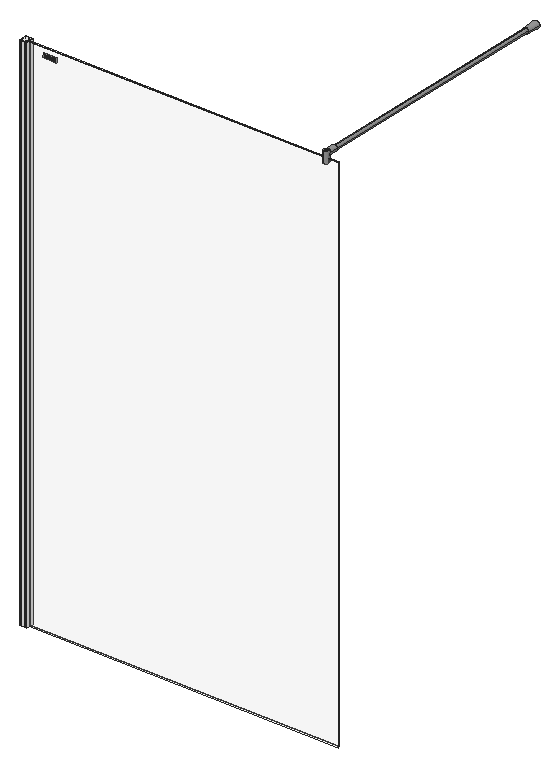
Revit family "Sanitary_Shower-screens_Duscholux_DuschoGredel_DuschoBasic_Separator-Fixed-panel-shower-bath", category Plumbing Fixtures, Revit 2017
Family settings
  Round Connector Dimension = Use Diameter
  Part Type = Normal
  OmniClass Number = 23.45.00.00
  OmniClass Title = Sanitary, Laundry, and Cleaning Equipment
  Work Plane-Based = No
  Always vertical = Yes
  Cut with Voids When Loaded = No
  Shared = No
  Room Calculation Point = No
Parameters (values of type "White Aluminium Finish")
  Uniclass 2015 Description = "Shower Enclosures"
  Uniclass 2015 Code = "PR-40-20-06-79"
  URL = "http://www.duscholux.es/"
  UNSPSC Code = "30181507"
  Text logo visibility = yes
  Technical Inspection Certificate (Applus) = "http://www.duscholux.es/resources/custom/var/APPLUS_en.pdf"
  Series = "Duscho Gredel"
  Region South America = "Consult"
  Region Oceania = "Consult"
  Region North America = "Consult"
  Region Middle East = "Consult"
  Region Europe = "AD, ES, FR, PT"
  Region Asia = "Consult"
  Region Antartica = "Consult"
  Region Africa = "Consult"
  Ref. = "6BI / 6BD"
  Products = "http://www.duscholux.es/mamparas_filtro.aspx?es"
  Product group = "Fixed panel for shower or bath"
  Product family = "Duscho Gredel"
  Optional = "Towel rail / Shelf"
  Opening System Image = "http://blob.duscholux.es/pluma512/SDIzq1f.gif"
  Opening System = "Fixed panel"
  Offset Support = 50 mm
  Net Weight (Kg) = 50
  Min/Max Width = if(Width < 700 mm, 700 mm, if(Width > 1400 mm, 1400 mm, Width))  # 1200 mm
  Max Height = if(Height > 2000 mm, 2000 mm, Height)  # 2000 mm
  NBS Reference Description = "Shower Enclosures"
  NBS Reference Code = "45-35-70"
  Model = "DuschoBasic"
  Manufacturer name = "Duscholux Ibérica, S.A."
  Manufacturer country = "Spain"
  Maintenance and Cleaning = "http://www.duscholux.es/mamparas_limpieza.aspx?en"
  Logo visivility = yes
  Lenght Support = 1000 mm
  Image = "http://www.duscholux.es/resources/custom/img/mamparas/DUSCHO%20GREDEL/modelos/1F0PSDF/mampara_h.jpg"
  IFC Classification = "Furnishing Element"
  Glass in Building UNE EN 12150 = "CE Conformity marking"
  Glass Material = Glass_Material-Duscholux
  Frame Material = White Aluminium Finish
  Fact Sheet = "http://blob.duscholux.es/enpdf2018/BasicSDB.pdf"
  Manufacturer = "Duscholux Ibérica, S.A."
  Thickness Safety Glass = 8 mm  # constant formula
  Environmental Management ISO 14001 = "ECOEMBES Certificate"
  Edition number = "1"
  Design country = "Spain / Germany"
  Description = "Fixed separator (Bath/Shower)"
  Date of publishing = ""
  Configuration enclosure = "http://configuratumampara.duscholux.es/eCatalogo.aspx"
  Components = "Eropean components"
  Brand = "Duscholux"
  Assembly Code = "C1030200"
  Type Comments = ""
  Certified Quality UNE EN 14428 = "http://www.duscholux.es/duscholux_downloads.aspx?es"
  COBIe Type Category = ""
  Width = 1200 mm
  Height = 2000 mm
Types (4, lengths in mm): name | Min/Max Width | Frame Material | Width
  (no name) | 1200 | White Aluminium Finish | 1200
  Platinum Aluminium Finish | 800 | Platinum Aluminium Finish | 800
  Siver Matt Aluminium Finish | 1200 | Silver Matt Aluminium Finish | 1200
  White Aluminium Finish | 1200 | White Aluminium Finish | 1200
Reference planes
  plane 1 "Centro (Frontal/Posterior)": y = 0
  plane 2: z = 0
  plane 3 "Centro (Izquierda/Derecha)": x = 0
  plane 4: y = 4
  plane 5: y = -4
  plane 6: x = 1200
  plane 7: x = 1150
  plane 8: z = 2000
Forms (mm)
  Extrusion 1, solid, material "Glass_Material-Duscholux" <- "Glass Material"
    sketch origin (500, 0, 0) x (1, 0, 0) y (0, 1, 0)
      loop
        line (-500, 4) -> (-500, -4) -> (700, -4) -> (700, 4) -> (-500, 4)
    from 0 to 2000
  Extrusion 2, solid, material "White Aluminium Finish" <- "Frame Material"
    sketch origin (0, 4.2, 0) x (1, 0, 0) y (0, 1, 0)
      loop
        line (-8.5, 11.5) -> (-8.5, -15.7) -> (18, -15.7) -> (18, 11.5) -> (-8.5, 11.5)
    from 2000 to 2002
  Extrusion 3, solid, material "White Aluminium Finish" <- "Frame Material"
    sketch origin (-169.99, 79.669, 0) x (1, 0, 0) y (0, 1, 0)
      loop
        line (161.49, -91.169) -> (187.99, -91.169) -> (187.99, -84.969) -> (183.74, -84.969) -> (183.74, -86.969) -> (186.49, -86.969) -> (186.49, -89.669) -> (178.84, -89.669) -> (178.84, -86.969) -> (180.751, -86.969) -> (180.751, -84.969) -> (177.34, -84.969) -> (177.34, -88.669) -> (162.99, -88.669) -> (162.99, -79.669) -> (162.99, -65.469) -> (177.34, -65.469) -> (177.34, -74.369) -> (180.751, -74.369) -> (180.751, -72.369) -> (178.84, -72.369) -> (178.84, -69.669) -> (186.49, -69.669) -> (186.49, -72.369) -> (183.74, -72.369) -> (183.74, -74.369) -> (187.99, -74.369) -> (187.99, -63.969) -> (161.49, -63.969) -> (161.49, -91.169)
      loop
        line (186.49, -68.193) -> (186.49, -65.464) -> (178.84, -65.464) -> (178.84, -68.193) -> (186.49, -68.193)
    from 0 to 2000
Dimensions and locks
  equal spacing: plane 4, plane 1 "Centro (Frontal/Posterior)", plane 5
  "Thickness Safety Glass": plane 4 to plane 5
  locked: Extrusion 2 to Extrusion 2 at 2
  "Offset Support": plane 7 to plane 6
  locked: plane 3 "Centro (Izquierda/Derecha)" to nested 2 at 101.5
  locked: plane 8 to nested 2 at 25.666
  "Max Height": plane 8 to plane 2
  "Min/Max Width": plane 3 "Centro (Izquierda/Derecha)" to plane 6
  aligned and locked: level to plane 2
  aligned and locked: Extrusion 1 sketch curve to plane 4
  aligned and locked: plane 5 to Extrusion 1 sketch curve
  aligned and locked: nested 1 to Extrusion 1
  aligned and locked: plane 6 to Extrusion 1
  aligned and locked: plane 7 to nested 1
  aligned and locked: plane 8 to Extrusion 1
  aligned and locked: plane 8 to Extrusion 3
  aligned and locked: Extrusion 2 to Extrusion 3
Automatic sketch dimensions
  Extrusion 1 sketch curve to plane 3 "Centro (Izquierda/Derecha)" = 0 mm
  Extrusion 1 sketch curve to plane 6 = 0 mm
  Extrusion 2 sketch curve to plane 3 "Centro (Izquierda/Derecha)" = 8.5 mm
  plane 3 "Centro (Izquierda/Derecha)" to Extrusion 2 sketch curve = 18 mm
  Extrusion 2 sketch curve to plane 5 = 7.5 mm
  plane 4 to Extrusion 2 sketch curve = 11.7 mm
  plane 1 "Centro (Frontal/Posterior)" to Extrusion 3 sketch curve = 0 mm
  plane 3 "Centro (Izquierda/Derecha)" to Extrusion 3 sketch curve = 8.5 mm
  Extrusion 3 sketch curve to Extrusion 3 sketch curve = 1.5 mm  (x7)
  Extrusion 3 sketch curve to plane 3 "Centro (Izquierda/Derecha)" = 7.35 mm  (x2)
  Extrusion 3 sketch curve to Extrusion 3 sketch curve = 0 mm
  plane 5 to Extrusion 3 sketch curve = 1.3 mm  (x2)
  Extrusion 3 sketch curve to Extrusion 3 sketch curve = 1.911 mm  (x2)
  Extrusion 3 sketch curve to Extrusion 3 sketch curve = 2.989 mm  (x2)
  Extrusion 3 sketch curve to Extrusion 3 sketch curve = 2.75 mm  (x3)
  Extrusion 3 sketch curve to plane 4 = 1.3 mm  (x2)
  Extrusion 3 sketch curve to Extrusion 3 sketch curve = 2 mm  (x4)
  Extrusion 3 sketch curve to Extrusion 3 sketch curve = 2.7 mm
  Extrusion 3 sketch curve to Extrusion 3 sketch curve = 1.476 mm
  Extrusion 3 sketch curve to plane 4 = 10.2 mm
  Extrusion 3 sketch curve to Extrusion 3 sketch curve = 2.73 mm
  Extrusion 3 sketch curve to Extrusion 3 sketch curve = 1.7 mm
  Extrusion 3 sketch curve to Extrusion 3 sketch curve = 1 mm
Nested families
  nested 1: "Wall-Support" at (1150, 0, 2000) x (0, 1, 0) z (0, 0, 1), type "Wall-Support"
  nested 2: "LOGO" at (101.5, -4, 1974.334) x (1, 0, 0) z (0, -1, 0), type "LOGO"
Definition of nested family "Wall-Support"
  Parameters (values of type "Sup_pared")
    Long. hasta pared = 1000 mm
  Reference planes
    plane 1 "Centro (Frontal/Posterior)": y = 0
    plane 2: z = 0
    plane 3 "Centro (Izquierda/Derecha)": x = 0
  Forms (mm)
    Extrusion 1, solid
      sketch origin (0, 0, 15) x (0, 1, 0) y (0, 0, 1)
        loop
          circle (0, 0) r 7.5
      from 40 to 955
    Extrusion 2, void
      sketch origin (0, 0, 15) x (0, 1, 0) y (0, 0, 1)
        loop
          circle (0, 0) r 6.75
      from 40 to 955
    Blend 3, solid
      base sketch origin (0, 0, 15) x (0, 1, 0) y (0, 0, 1)
        loop
          circle (0, 0) r 14
      top sketch origin (0, 0, 15) x (0, 1, 0) y (0, 0, 1)
        loop
          circle (0, 0) r 10
      from 1000 to 955
    Blend 4, void
      base sketch origin (0, 0, 15) x (0, 1, 0) y (0, 0, 1)
        loop
          circle (0, 0) r 9.245
      top sketch origin (0, 0, 15) x (0, 1, 0) y (0, 0, 1)
        loop
          circle (0, 0) r 13.237
      from 956.289 to 1000
    Extrusion 5, solid
      sketch origin (0, 0, 15) x (0, 1, 0) y (0, 0, 1)
        loop
          circle (0, 0) r 10
      from 0 to 40
    Extrusion 6, solid
      sketch origin (0, 0, -485) x (1, 0, 0) y (0, 1, 0)
        loop
          circle (0, 0) r 10
      from 470 to 510
    Extrusion 7, void
      sketch origin (0, 0, 0) x (1, 0, 0) y (0, 0, 1)
        loop
          line (-4.5, 0) -> (-4.5, -15) -> (4.5, -15) -> (4.5, 0) -> (-4.5, 0)
      from -13.968 to 11.933
  Cuts and joins
    Extrusion 2, Blend 4 cuts Extrusion 1
    Extrusion 7 cuts Extrusion 6
  Lines and regions (mm)
    reference lines
      curve 1: line (1053.6, 0, 500) -> (1098.6, 0, 500)
      curve 2: line (4.5, 0, -15) -> (4.5, 0, 0)
      curve 3: line (-4.5, 0, -15) -> (-4.5, 0, 0)
  Dimensions and locks
    "Long. hasta pared": Blend 4 to plane 3 "Centro (Izquierda/Derecha)"
    locked: Blend 3 to Blend 3 at 45
    locked: Blend 3 to Blend 4 at 1.289
    locked: cut or joined group of Extrusion 6, Extrusion 7 to cut or joined group of Extrusion 6, Extrusion 7 at 5.5  (x2)
    locked: cut or joined group of Extrusion 6, Extrusion 7 to cut or joined group of Extrusion 6, Extrusion 7 at 15
    locked: cut or joined group of Extrusion 6, Extrusion 7 to cut or joined group of Extrusion 6, Extrusion 7 at 9
    locked: Extrusion 5 to Extrusion 5 at 40
    locked: cut or joined group of Extrusion 6, Extrusion 7 to cut or joined group of Extrusion 6, Extrusion 7 at 40
    aligned and locked: level to plane 2
    aligned and locked: cut or joined group of Extrusion 1, Extrusion 2, Blend 4 to cut or joined group of Extrusion 1, Extrusion 2, Blend 4  (x2)
    aligned and locked: Blend 3 to cut or joined group of Extrusion 1, Extrusion 2, Blend 4
    aligned and locked: Blend 3 to Blend 4
    aligned and locked: Extrusion 7 sketch curve to plane 2
    aligned and locked: Extrusion 7 sketch curve to curve 3
    aligned and locked: Extrusion 7 sketch curve to Extrusion 6
    aligned and locked: Extrusion 7 sketch curve to curve 2
  Automatic sketch dimensions
    Extrusion 1 sketch curve to plane 1 "Centro (Frontal/Posterior)" = 0 mm
    level to Extrusion 1 sketch curve = 15 mm
    curve 3 to plane 3 "Centro (Izquierda/Derecha)" = 4.5 mm
    plane 3 "Centro (Izquierda/Derecha)" to curve 2 = 4.5 mm
    curve 2 to level = 15 mm
    level to curve 1 = 500 mm
    curve 1 to curve 1 = 45 mm
    curve 3 to curve 2 = 0 mm
    curve 3 to curve 3 = 15 mm
    curve 2 to curve 3 = 0 mm
    Extrusion 2 sketch curve to plane 1 "Centro (Frontal/Posterior)" = 0 mm
    level to Extrusion 2 sketch curve = 15 mm
    Blend 3 sketch curve to plane 1 "Centro (Frontal/Posterior)" = 0 mm  (x2)
    level to Blend 3 sketch curve = 15 mm  (x2)
    Blend 4 sketch curve to plane 1 "Centro (Frontal/Posterior)" = 0 mm  (x2)
    level to Blend 4 sketch curve = 15 mm  (x2)
    Extrusion 5 sketch curve to plane 1 "Centro (Frontal/Posterior)" = 0 mm
    level to Extrusion 5 sketch curve = 15 mm
    plane 1 "Centro (Frontal/Posterior)" to Extrusion 6 sketch curve = 0 mm
    Extrusion 6 sketch curve to plane 3 "Centro (Izquierda/Derecha)" = 0 mm
    plane 3 "Centro (Izquierda/Derecha)" to curve 1 = 1053.6 mm
    radius of Extrusion 1 sketch curve = 7.5 mm
    radius of Extrusion 2 sketch curve = 6.75 mm
    radius of Blend 3 sketch curve = 14 mm
    radius of Blend 3 sketch curve = 10 mm
    radius of Blend 4 sketch curve = 9.245 mm
    radius of Blend 4 sketch curve = 13.237 mm
    radius of Extrusion 5 sketch curve = 10 mm
    radius of Extrusion 6 sketch curve = 10 mm
Definition of nested family "LOGO"
  Parameters (values of type "LOGO")
    logo visibility = yes
    Text visibility = yes
    Default Elevation = 1219.2 mm
  Reference planes
    plane 1 "Center (Front/Back)": y = 0
    plane 2: z = 0
    plane 3 "Center (Left/Right)": x = 0
  Forms (mm)
    Extrusion 1, solid
      sketch origin (0, 0, 0) x (1, 0, 0) y (0, 1, 0)
        loop
          line (-1219.2, 1219.2) -> (-1219.2, -1219.2) -> (1219.2, -1219.2) -> (1219.2, 1219.2) -> (-1219.2, 1219.2)
      from 0 to -304.8
    Blend 2, solid, visible <- "logo visibility"
      base sketch origin (-30.49, -3.692, 0) x (1, 0, 0) y (0, 1, 0)
        loop
          line (6.49, 11.264) -> (3.006, -3.88) -> (54.49, -3.88) -> (54.49, 11.264) -> (6.49, 11.264)
      top sketch origin (-30.49, -3.692, 0) x (1, 0, 0) y (0, 1, 0)
        loop
          line (7.286, 10.264) -> (4.263, -2.88) -> (53.49, -2.88) -> (53.49, 10.264) -> (7.286, 10.264)
      from 0 to 2
    Extrusion 3, solid, visible <- "Text visibility"
      sketch origin (-30.49, -3.692, 0) x (1, 0, 0) y (0, 1, 0)
        loop
          line (15.152, 7.116) -> (10.723, 7.116) -> (10.476, 6.041) -> (14.179, 6.041) -> (12.696, -0.409) -> (11.829, -0.409) -> (13.101, 5.12) -> (11.604, 5.12) -> (10.085, -1.484) -> (13.23, -1.484) -> (14.106, -0.786) -> (15.75, 6.364) -> (15.152, 7.116)
        loop
          line (16.173, 5.12) -> (14.828, -0.732) -> (15.426, -1.484) -> (17.802, -1.484) -> (18.675, -0.788) -> (20.034, 5.12) -> (18.537, 5.12) -> (17.33, -0.127) -> (16.464, -0.127) -> (17.67, 5.12) -> (16.173, 5.12)
        loop
          line (19.998, 1.879) -> (20.596, 1.127) -> (22.11, 1.127) -> (21.756, -0.409) -> (19.472, -0.409) -> (19.224, -1.484) -> (22.354, -1.484) -> (23.152, -0.849) -> (23.716, 1.603) -> (23.118, 2.355) -> (21.604, 2.355) -> (21.993, 4.045) -> (24.278, 4.045) -> (24.525, 5.12) -> (21.395, 5.12) -> (20.597, 4.484) -> (19.998, 1.879)
        loop
          line (25.886, 5.12) -> (25.088, 4.484) -> (23.888, -0.732) -> (24.487, -1.484) -> (26.958, -1.484) -> (27.714, -0.881) -> (28.07, 0.666) -> (26.573, 0.666) -> (26.367, -0.23) -> (25.501, -0.23) -> (26.443, 3.866) -> (27.309, 3.866) -> (27.103, 2.97) -> (28.6, 2.97) -> (28.922, 4.368) -> (28.323, 5.12) -> (25.886, 5.12)
        loop
          line (29.804, 5.12) -> (28.285, -1.484) -> (29.782, -1.484) -> (30.382, 1.127) -> (31.249, 1.127) -> (30.649, -1.484) -> (32.146, -1.484) -> (33.664, 5.12) -> (32.167, 5.12) -> (31.496, 2.202) -> (30.63, 2.202) -> (31.301, 5.12) -> (29.804, 5.12)
        loop
          arc (35.087, 5.12) -> (34.592, 5.023) -> (34.261, 4.643) r 0.775
          line (34.261, 4.643) -> (33.025, -0.732)
          arc (33.025, -0.732) -> (33.245, -1.264) -> (33.777, -1.484) r 0.752
          line (33.777, -1.484) -> (35.898, -1.484)
          arc (35.898, -1.484) -> (36.432, -1.374) -> (36.742, -0.927) r 0.733
          line (36.742, -0.927) -> (37.96, 4.368)
          arc (37.96, 4.368) -> (37.842, 4.888) -> (37.362, 5.12) r 0.614
          line (37.362, 5.12) -> (35.087, 5.12)
        loop
          line (35.521, -0.23) -> (36.463, 3.866) -> (35.464, 3.866) -> (34.522, -0.23) -> (35.521, -0.23)
        loop
          line (39.299, 7.116) -> (37.321, -1.484) -> (50.066, -1.484) -> (49.529, -0.409) -> (38.95, -0.409) -> (40.681, 7.116) -> (39.299, 7.116)
        loop
          line (47.907, 2.834) -> (50.065, 5.12) -> (48.606, 5.12) -> (47.402, 3.844) -> (46.764, 5.12) -> (45.305, 5.12) -> (46.448, 2.834) -> (44.039, 0.282) -> (45.497, 0.282) -> (46.953, 1.824) -> (47.724, 0.282) -> (49.183, 0.282) -> (47.907, 2.834)
        loop
          line (43.232, 5.12) -> (42.354, 1.305) -> (41.51, 1.305) -> (42.387, 5.12) -> (40.928, 5.12) -> (39.988, 1.034) -> (40.587, 0.282) -> (42.855, 0.282) -> (43.74, 0.987) -> (44.69, 5.12) -> (43.232, 5.12)
        loop
          circle (48.393, 7.593) r 1.398
        loop
          circle (48.393, 7.593) r 1.101
      from 1.293 to 2.2
  Dimensions and locks
    aligned and locked: plane 2 to Extrusion 1
    aligned and locked: level to Extrusion 1
